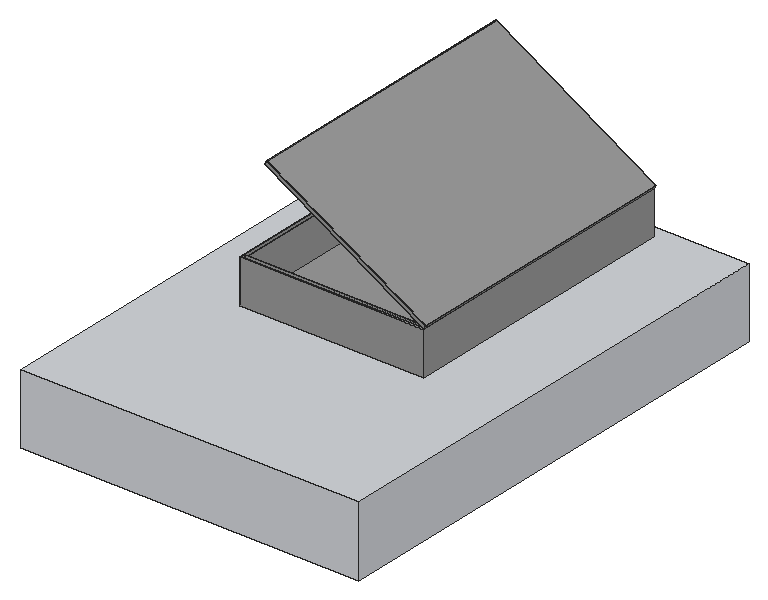
Revit family "Hager-Univers-IP44-D205-H1250-Cl.I-encl-NL-en", category Equipement électrique, Revit 2020
Family settings
  Hôte = Face
  Configuration du panneau = Deux colonnes, circuits au sein
  Cote de connecteur circulaire = Utiliser le diamètre
  Type d'élément = Tableau de raccordement
  Couper avec des vides une fois chargée = Non
  Partagée = Non
  Point de calcul de pièce = Non
Parameters (values of type "Surface mounted (plaster) IP44 W800 H1250 D205  - FP83QT")
  Width Control [instance] = if([EF000008 - Width] > Min Width, [EF000008 - Width], Min Width)  # 800 mm
  Commentaires du type = [HG000003 - Range]  # "Univers"
  Thickness Door [instance] = if([EF009171 - Material plate thickness door/cover] > 3 mm, 3 mm, [EF009171 - Material plate thickness door/cover])  # 1 mm
  Seal Frame Offset [instance] = 17 mm  # constant formula
  Plinth Visibility [instance] = [HG000027 - Plinth height] > 0 mm  # no
  Model = ""
  Min Width [instance] = 100 mm  # constant formula
  Min Height [instance] = 100 mm  # constant formula
  Min Depth [instance] = (2 * [EF009170 - Material plate thickness cabinet]) + 1 mm  # 3 mm
  Internal Frame Depth [instance] = (Door System Depth * 0.5)  # 9 mm
  Height Control [instance] = if([EF000040 - Height] > Min Height, [EF000040 - Height], Min Height)  # 1250 mm
  HG000027 - Plinth height = 0 mm
  HG000026 - Floor standing = no
  HG000024 - Bottom section height = 800 mm
  HG000023 - Double section enclosure = no
  HG000016 - Door 3d visibility [instance] = yes
  HG000015 - Clearance visibility [instance] = no
  HG000014 - Door on the right [instance] = yes
  HG000013 - Door on the left [instance] = not([HG000014 - Door on the right])  # no
  HG000012 - Door swing angle [instance] = 30.00°
  HG000010 - Asymmetric doors = no
  HG000009 - Double swing door = no
  HG000006 - Flush mounted = no
  HG000004 - Manufacturer reference = "FP83QT"
  HG000003 - Range = "Univers"
  HG000002 - With door or cover = yes
  Frame Offset Bottom [instance] = 10 mm  # constant formula
  Frame Offset [instance] = 15 mm  # constant formula
  EF015940 - Cover with overpressure release = no
  EF011959 - Degree of protection (NEMA) = ""
  EF009554 - Number of openings for flange plates = 6
  EF009212 - Cover model = "EV000116 - Closed"
  EF009171 - Material plate thickness door/cover = 1 mm
  EF009170 - Material plate thickness cabinet = 1 mm
  Fabricant = "Hager"  # constant formula
  EF008873 - Nominal current (In) = 250 A
  EF007800 - Suitable for lightning protection = no
  EF006306 - With lock = no
  EF006244 - Transparent cover/door = no
  EF005474 - Degree of protection (IP) = "EV006418 - IP44"
  EF004464 - Type of door = "EV002646 - Single"
  EF004427 - Number of modules = 288
  EF004293 - Impact strength = "EV006815 - IK09"
  EF003532 - Suitable for outdoor use = no
  EF002950 - Width in number of modular spacings = 36
  EF001613 - Circuit integrity = "EV000494 - None"
  EF001596 - Material housing = "EV000179 - Steel"
  EF001131 - Internal depth = 130 mm
  EF001088 - Extension possible = yes
  EF000437 - Number of conduit inlets = 6
  EF000339 - Type of cover = "EV001012 - Cover"
  EF000266 - Number of rows = 8
  EF000218 - Built-in depth = 0 mm
  EF000118 - With mounting plate = no
  EF000116 - RAL-number = "9010"
  EF000049 - Depth = 205 mm
  EF000040 - Height = 1250 mm
  EF000008 - Width = 800 mm
  EF000007 - Colour = "EV000202 - White"
  EF000003 - Mounting method = "EV000384 - Surface mounted (plaster)"
  Door System Leaf Tolerance [instance] = 1.5 mm  # constant formula
  Door System Depth [instance] = 18 mm  # constant formula
  Door Height [instance] = Height Control - [HG000027 - Plinth height]  # 1250 mm
  Depth Control [instance] = if([EF000049 - Depth] > Min Depth, [EF000049 - Depth], Min Depth)  # 205 mm
  Default Elevation = 0 mm
  Connector Offset [instance] = Height Control / 2  # 625 mm
  Bottom Top Plate Trim [instance] = 1.5 mm  # constant formula
  Plinth height Ctrl [instance] = if([HG000027 - Plinth height] > 0 mm, [HG000027 - Plinth height], 12 mm)  # 12 mm
Types (5, lengths in mm): name | Width Control | HG000004 - Manufacturer reference | EF009554 - Number of openings for flange plates | EF004464 - Type of door | EF004427 - Number of modules | EF002950 - Width in number of modular spacings | EF000437 - Number of conduit inlets | EF000008 - Width
  Surface mounted (plaster) IP44 W1050 H1250 D205  - FP84QT | 1050 | "FP84QT" | 8 | "EV003602 - Double" | 384 | 48 | 8 | 1050
  Surface mounted (plaster) IP44 W1300 H1250 D205  - FP85QT | 1300 | "FP85QT" | 10 | "EV003602 - Double" | 480 | 60 | 10 | 1300
  Surface mounted (plaster) IP44 W300 H1250 D205  - FP81QT | 300 | "FP81QT" | 2 | "EV002646 - Single" | 96 | 12 | 2 | 300
  Surface mounted (plaster) IP44 W550 H1250 D205  - FP82QT | 550 | "FP82QT" | 4 | "EV002646 - Single" | 192 | 24 | 4 | 550
  Surface mounted (plaster) IP44 W800 H1250 D205  - FP83QT | 800 | "FP83QT" | 6 | "EV002646 - Single" | 288 | 36 | 6 | 800
Reference planes
  plane 1 "Center (Front/Back)": y = 0
  plane 2: z = 0
  plane 3 "Center (Left/Right)": x = 0
  plane 4: z = 205
  plane 5: y = 1
  plane 6: y = 625
  plane 7: y = 0
  plane 8: y = 1250
  plane 9: z = 0
  plane 10: x = -385
  plane 11: x = 385
  plane 12: x = 384
  plane 13: x = -384
  plane 14: y = 1249
  plane 15: x = -383
  plane 16: x = -400
  plane 17: x = 383
  plane 18: x = 400
  plane 19: x = 399
  plane 20: x = -399
  plane 21: y = 11
  plane 22: y = 1250
  plane 23: y = 1234
  plane 24: z = 187
  plane 25: z = 1
  plane 26: z = 186
  plane 27: z = 204
Forms (mm)
  Extrusion 1, solid
    sketch origin (0, 0, 0) x (1, 0, 0) y (0, 1, 0)
      loop
        line (-702.964, 1305) -> (-702.964, -811.445) -> (766.763, -811.445) -> (766.763, 1305) -> (-702.964, 1305)
    from 0 to -304.8
  Extrusion 2, solid, material "Hager_Steel_RAL7035_Light_Grey", visible <- "Plinth Visibility", detail levels medium+fine
    sketch origin (0, 0, 0) x (1, 0, 0) y (0, 1, 0)
      loop
        line (-400, 0) -> (400, 0) -> (400, 12) -> (-400, 12) -> (-400, 0)
    from 0 to 187
  Extrusion 3, solid, material "Hager_Steel_RAL7035_Light_Grey", detail levels medium+fine
    sketch origin (0, 0, 0) x (1, 0, 0) y (0, 1, 0)
      loop
        line (-400, 0) -> (400, 0) -> (400, 1250) -> (-400, 1250) -> (-400, 0)
    from 0 to 187
  Extrusion 4, void
    sketch origin (0, 0, 0) x (1, 0, 0) y (0, 1, 0)
      loop
        line (-399, 1) -> (399, 1) -> (399, 1249) -> (-399, 1249) -> (-399, 1)
    from 1 to 186
  Extrusion 5, void
    sketch origin (-381.607, -4572, 187) x (0, -1, 0) y (-1, 0, 0)
      loop
        line (-4583, 2.393) -> (-5806, 2.393) -> (-5806, -765.607) -> (-4583, -765.607) -> (-4583, 2.393)
    from 0 to 1 <- "EF009170 - Material plate thickness cabinet"
  Extrusion 6, solid, material "Hager_Steel_RAL7035_Light_Grey", detail levels fine
    sketch origin (0, 0, 187) x (1, 0, 0) y (0, 1, 0)
      loop
        line (-384, 1234) -> (-384, 11) -> (384, 11) -> (384, 1234) -> (-384, 1234)
      loop
        line (-385, 10) -> (385, 10) -> (385, 1235) -> (-385, 1235) -> (-385, 10)
    from 0 to 9 <- "Internal Frame Depth"
  Extrusion 7, solid, material "Hager_Steel_RAL7035_Light_Grey", detail levels coarse
    sketch origin (0, 0, 0) x (1, 0, 0) y (0, 1, 0)
      loop
        line (-400, 0) -> (400, 0) -> (400, 1250) -> (-400, 1250) -> (-400, 0)
    from 0 to 205
  Sweep 8, void
    path in 3D
      loop
        line (-400, 12, 0) -> (400, 12, 0) -> (400, 12, 187) -> (-400, 12, 187) -> (-400, 12, 0)
    profile origin (-400, 12, 93.5) x (-1, 0, 0) y (0, -1, 0)
      loop
        line (0, 0) -> (0, 1.5) -> (-1.5, 1.5)
        arc (-1.5, 1.5) -> (-1.061, 0.439) -> (0, 0) r 1.5
Cuts and joins
  Extrusion 4, Extrusion 5 cuts Extrusion 3
  Sweep 8 cuts Extrusion 2
Lines and regions (mm)
  Masking region 1
    outline origin (0, 0, 0) x (1, 0, 0) y (0, 0, 1)
      loop
        line (-400, 205) -> (-400, 0) -> (400, 0) -> (400, 205) -> (-400, 205)
  Masking region 2, detail levels medium+fine
    outline origin (0, 140, 0) x (0, 1, 0) y (0, 0, 1)
      loop
        line (-140, 0) -> (1110, 0) -> (1110, 187) -> (-140, 187) -> (-140, 0)
  Masking region 3, not visible, detail levels medium+fine
    outline origin (0, 297.922, 0) x (0, 1, 0) y (0, 0, 1)
      loop
        line (338.578, 0) -> (378.578, 0) -> (378.578, 194)
        arc (378.578, 194) -> (375.649, 201.071) -> (368.578, 204) r 10
        line (368.578, 204) -> (338.578, 204) -> (338.578, 0)
  Masking region 4, detail levels coarse
    outline origin (0, 0, 180) x (0, 1, 0) y (0, 0, 1)
      loop
        line (0, -180) -> (1250, -180) -> (1250, 25) -> (0, 25) -> (0, -180)
  Masking region 5, visible <- "Plinth Visibility", detail levels medium+fine
    outline origin (0, 52.24, 12.345) x (0, 0, -1) y (0, 1, 0)
      loop
        line (10.845, -40.24) -> (-173.155, -40.24)
        arc (-173.155, -40.24) -> (-173.594, -41.301) -> (-174.655, -41.74) r 1.5
        line (-174.655, -41.74) -> (-174.655, -52.24) -> (12.345, -52.24) -> (12.345, -41.74)
        arc (12.345, -41.74) -> (11.285, -41.301) -> (10.845, -40.24) r 1.5
  Masking region 6, detail levels medium+fine
    outline origin (-381.607, -4572, 187) x (-1, 0, 0) y (0, -1, 0)
      loop
        line (18.393, -5822) -> (18.393, -4572) -> (-781.607, -4572) -> (-781.607, -5822) -> (18.393, -5822)
  Masking region 7, visible <- "Plinth Visibility", detail levels medium+fine
    outline origin (-381.607, -4727, 187) x (-1, 0, 0) y (0, -1, 0)
      loop
        arc (16.893, -4739) -> (17.332, -4737.939) -> (18.393, -4737.5) r 1.5
        line (18.393, -4737.5) -> (18.393, -4727) -> (-781.607, -4727) -> (-781.607, -4737.5)
        arc (-781.607, -4737.5) -> (-780.546, -4737.939) -> (-780.107, -4739) r 1.5
        line (-780.107, -4739) -> (16.893, -4739)
  Masking region 8, detail levels coarse
    outline origin (-442.548, -4669.526, 187) x (-1, 0, 0) y (0, -1, 0)
      loop
        line (-42.548, -5919.526) -> (-42.548, -4669.526) -> (-842.548, -4669.526) -> (-842.548, -5919.526) -> (-42.548, -5919.526)
  sketch lines
    curve 1: line (-400, 12, 187) -> (-400, 12, 0)
    curve 2: line (400, 12, 187) -> (-400, 12, 187)
    curve 3: line (400, 12, 187) -> (400, 12, 0)
    curve 4: line (-400, 12, 0) -> (400, 12, 0)
Dimensions and locks
  "Depth Control": plane 4 to Extrusion 1
  "HG000027 - Plinth height": plane 1 "Center (Front/Back)" to plane 7
  "EF009170 - Material plate thickness cabinet": plane 5 to plane 7
  locked: connector elem to plane 3 "Center (Left/Right)"
  equal spacing: plane 8, plane 6, plane 7
  locked: connector elem to plane 6
  "EF009170 - Material plate thickness cabinet": plane 8 to plane 14
  "EF009170 - Material plate thickness cabinet": plane 10 to plane 13
  "EF009170 - Material plate thickness cabinet": plane 12 to plane 11
  "Frame Offset": plane 20 to plane 13
  "Frame Offset": plane 12 to plane 19
  "EF009170 - Material plate thickness cabinet": plane 16 to plane 20
  "EF009170 - Material plate thickness cabinet": plane 19 to plane 18
  "Seal Frame Offset": plane 16 to plane 15
  "Seal Frame Offset": plane 17 to plane 18
  "Frame Offset Bottom": plane 21 to plane 5
  "Frame Offset": plane 14 to plane 23
  equal spacing: plane 16, plane 3 "Center (Left/Right)", plane 18
  "Width Control": plane 16 to plane 18
  "EF009170 - Material plate thickness cabinet": plane 4 to plane 27
  "EF009170 - Material plate thickness cabinet": plane 24 to plane 26
  "EF009170 - Material plate thickness cabinet": plane 25 to level
  "Door System Depth": plane 4 to plane 24
  "Height Control": plane 1 "Center (Front/Back)" to Extrusion 7 sketch curve
  "Height Control": Masking region 4 sketch curve to plane 1 "Center (Front/Back)"
  "Height Control": plane 1 "Center (Front/Back)" to plane 22
  "Bottom Top Plate Trim": profile plane to Sweep 8 sketch curve
  "Bottom Top Plate Trim": Sweep 8 sketch curve to profile plane
  "Plinth height Ctrl": plane 1 "Center (Front/Back)" to Extrusion 2 sketch curve
  "Plinth height Ctrl": Masking region 5 sketch curve to plane 1 "Center (Front/Back)"
  "Plinth height Ctrl": plane 1 "Center (Front/Back)" to Masking region 7 sketch curve
  "Thickness Door": Extrusion 6 sketch curve to Extrusion 6 sketch curve  (x3)
  "Thickness Door": cut or joined group of Extrusion 3, Extrusion 4, Extrusion 5 to Extrusion 6 sketch curve
  radius of Masking region 3 sketch curve = 10 mm
  "Bottom Top Plate Trim": radius of Masking region 5 sketch curve  (x2)
  "Bottom Top Plate Trim": radius of Sweep 8 sketch curve
  "Bottom Top Plate Trim": radius of Masking region 7 sketch curve  (x2)
  aligned and locked: plane 2 to Extrusion 1
  aligned and locked: level to Extrusion 1
  aligned and locked: level to Masking region 1 sketch curve
  aligned and locked: Masking region 1 sketch curve to plane 18
  aligned and locked: Masking region 1 sketch curve to plane 16
  aligned and locked: plane 7 to Masking region 2 sketch curve
  aligned and locked: level to Masking region 3 sketch curve
  aligned and locked: Masking region 3 sketch curve to plane 27
  aligned and locked: level to Masking region 2 sketch curve
  aligned and locked: plane 1 "Center (Front/Back)" to Extrusion 2 sketch curve
  aligned and locked: Extrusion 3 sketch curve to plane 7
  aligned and locked: plane 16 to Extrusion 3 sketch curve
  aligned and locked: plane 18 to Extrusion 3 sketch curve
  aligned and locked: plane 20 to Extrusion 4 sketch curve
  aligned and locked: plane 19 to Extrusion 4 sketch curve
  aligned and locked: Extrusion 4 sketch curve to plane 5
  aligned and locked: Extrusion 4 to plane 25
  aligned and locked: plane 26 to Extrusion 4
  aligned and locked: plane 24 to Extrusion 3
  aligned and locked: Extrusion 5 sketch curve to plane 21
  aligned and locked: Extrusion 5 sketch curve to plane 13
  aligned and locked: Extrusion 5 sketch curve to plane 12
  aligned and locked: plane 18 to Extrusion 7 sketch curve
  aligned and locked: plane 1 "Center (Front/Back)" to Extrusion 7 sketch curve
  aligned and locked: plane 16 to Extrusion 7 sketch curve
  aligned and locked: plane 4 to Extrusion 7
  aligned and locked: Extrusion 7 to level
  aligned and locked: level to Masking region 4 sketch curve
  aligned and locked: Masking region 4 sketch curve to plane 1 "Center (Front/Back)"
  aligned and locked: Masking region 4 sketch curve to plane 4
  aligned and locked: nested 1 to level
  aligned and locked: nested 1 to plane 16
  aligned and locked: plane 8 to Extrusion 3 sketch curve
  aligned and locked: plane 23 to Extrusion 5 sketch curve
  aligned and locked: plane 14 to Extrusion 4 sketch curve
  aligned and locked: Masking region 2 sketch curve to plane 8
  aligned and locked: level to Masking region 5 sketch curve
  aligned and locked: plane 16 to Extrusion 2 sketch curve
  aligned and locked: plane 18 to Extrusion 2 sketch curve
  aligned and locked: Masking region 5 sketch curve to plane 24
  aligned and locked: Masking region 2 sketch curve to plane 24
  aligned and locked: plane 24 to Extrusion 2
  aligned and locked: profile plane to Sweep 8 sketch curve  (x2)
  aligned and locked: Masking region 6 sketch curve to plane 18
  aligned and locked: Masking region 6 sketch curve to plane 22
  aligned and locked: Masking region 6 sketch curve to plane 16
  aligned and locked: plane 8 to plane 22
  aligned and locked: Masking region 6 sketch curve to plane 7
  aligned and locked: Masking region 7 sketch curve to plane 16
  aligned and locked: Masking region 7 sketch curve to plane 1 "Center (Front/Back)"
  aligned and locked: Masking region 7 sketch curve to plane 18
  aligned and locked: Masking region 8 sketch curve to plane 1 "Center (Front/Back)"
  aligned and locked: Masking region 8 sketch curve to plane 18
  aligned and locked: Masking region 8 sketch curve to plane 22
  aligned and locked: Masking region 8 sketch curve to plane 16
  aligned and locked: nested 2 to plane 7
  aligned and locked: plane 3 "Center (Left/Right)" to nested 2
  aligned and locked: nested 2 to plane 24
  aligned and locked: Extrusion 6 sketch curve to cut or joined group of Extrusion 3, Extrusion 4, Extrusion 5  (x4)
Automatic sketch dimensions
  Extrusion 1 sketch curve to Extrusion 1 sketch curve = 1469.727 mm
  Extrusion 1 sketch curve to Extrusion 1 sketch curve = 2116.445 mm
  Masking region 1 sketch curve to plane 4 = 0 mm
  plane 6 to Masking region 3 sketch curve = 11.5 mm
  Masking region 3 sketch curve to Masking region 3 sketch curve = 30 mm
  Masking region 5 sketch curve to plane 1 "Center (Front/Back)" = 0 mm
Nested families
  nested 1: "Hager_Enclosure_Symbol" at (-400, 0, 0) x (1, 0, 0) z (0, -1, 0), Height <- "Depth Control", Width <- "Width Control", type "Hager_Enclosure_Symbol"
    with Width_Ctrl 800 mm, Width 800 mm, Height_Ctrl 205 mm, Height 205 mm, A_Width_Int 13.453 mm, A_Width 161.438 mm, A_Height_Ctrl 179.375 mm, A_Height 179.375 mm
  nested 2: "EC000058_Univers_Door" at (0, 0, 187) x (1, 0, 0) z (0, 1, 0), Leaf_Tolerance <- "Door System Leaf Tolerance", Angle <- "HG000012 - Door swing angle", Door_Depth <- "Door System Depth", Door_Left <- "HG000013 - Door on the left", Transparent <- "EF006244 - Transparent cover/door", Assymetrical <- "HG000010 - Asymmetric doors", Width <- "Width Control", Clearance <- "HG000015 - Clearance visibility", Double <- "HG000009 - Double swing door", 3d_Door <- "HG000016 - Door 3d visibility", Lock_Visibility <- "EF006306 - With lock", Width_Ctrl <- "Width Control", Door_Right <- "HG000014 - Door on the right", Door <- "HG000002 - With door or cover", Height <- "Door Height", Thickness <- "Thickness Door", type "EC000058_Univers_Door", detail levels medium+fine
    with min_wh 3 mm, Width_Ctrl 800 mm, Width 800 mm, Transparent no, Thickness 1 mm, Seal_Material Hager_Rubber, Lock_Visibility no, Lock_Material Hager_Plastic_RAL9005_Jet_Black, Leaf_Width 800 mm, Leaf_Tolerance_External_Sides 0 mm, Leaf_Tolerance 1.5 mm, Leaf_Offset 0 mm, Leaf_Height 1247 mm, Leaf_2_Width 800 mm, Leaf_2_Offset 400 mm, Leaf_1_Width 800 mm, Leaf_1_Offset 400 mm, Height_Ctrl 1250 mm, Height 1250 mm, Glass_Material Hager_Glass, Double_Clearance_Ctrl no, Double no, Door_Right_Ctrl yes, Door_Right yes, Door_Material Hager_Steel_RAL7035_Light_Grey, Door_Left_Ctrl no, Door_Left no, Door_Depth 18 mm, Door yes, Clearance_Material Hager_Clearance, Clearance_Depth 800 mm, Clearance_Ctrl no, Clearance no, Assymetrical no, Angle 30.00°, 3d_Door yes
Connectors
  electrical at (0, 625, 0)
    settings: on plane 9, index 1, voltage 0 V, apparent load 0 VA, apparent load phase1 0 VA, apparent load phase2 0 VA, apparent load phase3 0 VA, power factor 1, load classification "Other", number of poles 1, system type 30, power factor state 1, is connector primary yes, connector utility no, sub classification motor no, connector description ""
Definition of nested family "EC000058_Univers_Door"
  Parameters (values of type "EC000058_Univers_Door")
    min_wh [instance] = (2 * Thickness) + 1 mm  # 11 mm
    Width_Ctrl [instance] = 400 mm
    Width [instance] = 500 mm
    Transparent [instance] = yes
    Thickness [instance] = 5 mm
    Seal_Material [instance] = none
    Lock_Visibility [instance] = yes
    Lock_Material [instance] = none
    Leaf_Width [instance] = if((Width_Ctrl - 2 * Leaf_Tolerance_External_Sides) > 0 mm, (Width_Ctrl - 2 * Leaf_Tolerance_External_Sides), min_wh)  # 400 mm
    Leaf_Tolerance_External_Sides [instance] = 0 mm  # constant formula
    Leaf_Tolerance [instance] = 1.5 mm
    Leaf_Offset [instance] = 0 mm  # constant formula
    Leaf_Height [instance] = if((Height_Ctrl - 2 * Leaf_Tolerance) > 0 mm, (Height_Ctrl - 2 * Leaf_Tolerance), min_wh)  # 497 mm
    Leaf_2_Width [instance] = if(and(and(Double, Assymetrical), Door_Left), (Leaf_Width / 3) - (Leaf_Tolerance / 2), if(and(and(Double, Assymetrical), Door_Right), (Leaf_Width / 3) * 2 - (Leaf_Tolerance / 2), if(and(Double, not(Assymetrical)), (Leaf_Width / 2) - Leaf_Tolerance, Leaf_Width)))  # 400 mm
    Leaf_2_Offset [instance] = if(and(Double, Assymetrical), Leaf_2_Width / 2, if(and(Double, not(Assymetrical)), Leaf_Width / 4, Leaf_Width / 2))  # 200 mm
    Leaf_1_Width [instance] = if(and(and(Double, Assymetrical), Door_Right), (Leaf_Width / 3) - (Leaf_Tolerance / 2), if(and(and(Double, Assymetrical), Door_Left), (Width / 3) * 2 - (Leaf_Tolerance / 2), if(and(Double, not(Assymetrical)), (Leaf_Width / 2) - Leaf_Tolerance, Leaf_Width)))  # 400 mm
    Leaf_1_Offset [instance] = if(and(Double, Assymetrical), Leaf_1_Width / 2, if(and(Double, not(Assymetrical)), Leaf_Width / 4, Leaf_Width / 2))  # 200 mm
    Height_Ctrl [instance] = if(Height > min_wh, Height, min_wh)  # 500 mm
    Height [instance] = 500 mm
    Glass_Material [instance] = none
    Double_Clearance_Ctrl [instance] = and(Double, Clearance)  # no
    Double [instance] = no
    Door_Right_Ctrl [instance] = and(or(Door_Right, Double), Door)  # yes
    Door_Right [instance] = yes
    Door_Material [instance] = none
    Door_Left_Ctrl [instance] = and(or(Door_Left, Double), Door)  # no
    Door_Left [instance] = no
    Door_Depth [instance] = 30 mm
    Door [instance] = yes
    Default Elevation = 1219.2 mm
    Clearance_Material [instance] = none
    Clearance_Depth [instance] = if(Leaf_1_Width > Leaf_2_Width, Leaf_1_Width, Leaf_2_Width)  # 400 mm
    Clearance_Ctrl [instance] = and(not(Double), Clearance)  # yes
    Clearance [instance] = yes
    Assymetrical [instance] = yes
    Angle [instance] = 30.00°
    3d_Door [instance] = yes
  Reference planes
    plane 1 "Center (Front/Back)": y = 0
    plane 2 "Bottom": z = 0
    plane 3 "Center (Left/Right)": x = 0
    plane 4: z = 500
    plane 5: x = -200
    plane 6: x = 200
    plane 7: z = 500
    plane 8: x = -200
    plane 9: z = 0
    plane 10: x = 200
    plane 11: y = 0
    plane 12: z = 1.5
    plane 13: x = -600
    plane 14: y = -400
    plane 15: x = 600
    plane 16: x = 0
    plane 17: x = 0
    plane 18: x = -200
    plane 19: x = 200
    plane 20: z = 498.5
  Forms (mm)
    Extrusion 1, solid, material <- "Clearance_Material", visible <- "Double_Clearance_Ctrl"
      sketch origin (1200, 0, 0) x (1, 0, 0) y (0, 0, -1)
        loop
          line (-1800, -498.5) -> (-600, -498.5) -> (-600, 0) -> (-1800, 0) -> (-1800, -498.5)
      from 0 to -400
  Dimensions and locks
    equal spacing: plane 5, plane 3 "Center (Left/Right)", plane 6
    "Width_Ctrl": plane 5 to plane 6
    "Leaf_Offset": plane 5 to plane 8
    "Leaf_Offset": plane 6 to plane 10
    "Leaf_Offset": plane 9 to level
    "Leaf_Offset": plane 4 to plane 7
    "Height_Ctrl": plane 4 to level
    "Leaf_Tolerance": plane 12 to plane 9
    locked: plane 11 to plane 1 "Center (Front/Back)"
    "Leaf_1_Offset": plane 18 to plane 16
    "Leaf_2_Offset": plane 17 to plane 19
    "Leaf_1_Width": plane 13 to plane 8
    "Leaf_2_Width": plane 10 to plane 15
    "Clearance_Depth": plane 14 to plane 1 "Center (Front/Back)"
    "Leaf_Tolerance_External_Sides": plane 8 to plane 18
    "Leaf_Tolerance_External_Sides": plane 19 to plane 10
    "Leaf_Tolerance": plane 7 to plane 20
    aligned and locked: level to plane 2 "Bottom"
    aligned and locked: nested 1 to plane 16
    aligned and locked: nested 2 to plane 17
    aligned and locked: Extrusion 1 to plane 13
    aligned and locked: plane 15 to Extrusion 1
    aligned and locked: Extrusion 1 to plane 14
    aligned and locked: plane 12 to nested 1
    aligned and locked: nested 2 to plane 12
    aligned and locked: Extrusion 1 to plane 11
    aligned and locked: plane 20 to Extrusion 1
    aligned and locked: nested 2 to plane 11
    aligned and locked: nested 1 to plane 11
  Automatic sketch dimensions
    Extrusion 1 sketch curve to level = 0 mm
    plane 5 to Extrusion 1 sketch curve = 400 mm
    plane 6 to Extrusion 1 sketch curve = 400 mm
    Extrusion 1 sketch curve to plane 4 = 1.5 mm
  Nested families
    nested 1: "EC000058_Univers_Door_Leaf" at (0, 0, 1.5), Width <- "Leaf_1_Width", visible <- "Door_Left_Ctrl", Leaf_Height <- "Leaf_Height", Angle <- "Angle", 3d_Door <- "3d_Door", Transparent <- "Transparent", Clearance Material <- "Clearance_Material", Clearance <- "Clearance_Ctrl", Door_Material <- "Door_Material", Glass_Material <- "Glass_Material", Door_Depth <- "Door_Depth", Lock_Material <- "Lock_Material", Seal_Material <- "Seal_Material", Lock_Visibility <- "Lock_Visibility", Thickness <- "Thickness", type "EC000058_Univers_Door_Leaf"
      with Width 400 mm, Transparent_Glass_Offset 30 mm, Transparent_Ctrl yes, Transparent yes, Thickness 5 mm, Standard no, Seal_Material none, Seal_D2 8 mm, Seal_D1 1 mm, Offset_Internal_Frame 10 mm, Lock_Width 20 mm, Lock_Visibility_3d yes, Lock_Visibility yes, Lock_Thickness_3 3 mm, Lock_Thickness_2 1 mm, Lock_Thickness_1 3 mm, Lock_Radius_Offset_2 16 mm, Lock_Radius_Offset_1 15 mm, Lock_Radius_2 5 mm, Lock_Radius 6 mm, Lock_Offset 5 mm, Lock_Material none, Lock_Height 80 mm, Lock_Cover_Top_Offset_2d 17 mm, Lock_Cover_Height -65 mm, Leaf_Height 497 mm, Internal_Seal_Thickness 8 mm, Internal_Seal_Depth_2 4.5 mm, Internal_Frame_Depth 25 mm, Glass_Thickness -1 mm, Glass_Offset -2 mm, Glass_Material none, Door_Material none, Door_Depth 30 mm, Clearance Material none, Clearance yes, Angle_Ctrl 30.00°, Angle 30.00°, 3d_Door yes
    nested 2: "EC000058_Univers_Door_Leaf" at (0, 0, 1.5) x (-1, 0, 0) z (0, 0, 1), Width <- "Leaf_2_Width", visible <- "Door_Right_Ctrl", Leaf_Height <- "Leaf_Height", Angle <- "Angle", 3d_Door <- "3d_Door", Transparent <- "Transparent", Clearance Material <- "Clearance_Material", Clearance <- "Clearance_Ctrl", Door_Material <- "Door_Material", Glass_Material <- "Glass_Material", Door_Depth <- "Door_Depth", Lock_Material <- "Lock_Material", Seal_Material <- "Seal_Material", Lock_Visibility <- "Lock_Visibility", Thickness <- "Thickness", type "EC000058_Univers_Door_Leaf"
      with Width 400 mm, Transparent_Glass_Offset 30 mm, Transparent_Ctrl yes, Transparent yes, Thickness 5 mm, Standard no, Seal_Material none, Seal_D2 8 mm, Seal_D1 1 mm, Offset_Internal_Frame 10 mm, Lock_Width 20 mm, Lock_Visibility_3d yes, Lock_Visibility yes, Lock_Thickness_3 3 mm, Lock_Thickness_2 1 mm, Lock_Thickness_1 3 mm, Lock_Radius_Offset_2 16 mm, Lock_Radius_Offset_1 15 mm, Lock_Radius_2 5 mm, Lock_Radius 6 mm, Lock_Offset 5 mm, Lock_Material none, Lock_Height 80 mm, Lock_Cover_Top_Offset_2d 17 mm, Lock_Cover_Height -65 mm, Leaf_Height 497 mm, Internal_Seal_Thickness 8 mm, Internal_Seal_Depth_2 4.5 mm, Internal_Frame_Depth 25 mm, Glass_Thickness -1 mm, Glass_Offset -2 mm, Glass_Material none, Door_Material none, Door_Depth 30 mm, Clearance Material none, Clearance yes, Angle_Ctrl 30.00°, Angle 30.00°, 3d_Door yes
  Definition of nested family "EC000058_Univers_Door_Leaf"
    Parameters (values of type "EC000058_Univers_Door_Leaf")
      Width [instance] = 2000 mm
      Transparent_Glass_Offset [instance] = 30 mm
      Transparent_Ctrl [instance] = and(Transparent, [3d_Door])  # yes
      Transparent [instance] = yes
      Thickness [instance] = 5 mm
      Standard [instance] = and(not(Transparent), [3d_Door])  # no
      Seal_Material [instance] = none
      Seal_D2 [instance] = 8 mm  # constant formula
      Seal_D1 [instance] = 1 mm  # constant formula
      Offset_Internal_Frame [instance] = 10 mm  # constant formula
      Lock_Width [instance] = 20 mm  # constant formula
      Lock_Visibility_3d [instance] = and(Lock_Visibility, [3d_Door])  # yes
      Lock_Visibility [instance] = yes
      Lock_Thickness_3 [instance] = 3 mm  # constant formula
      Lock_Thickness_2 [instance] = 1 mm  # constant formula
      Lock_Thickness_1 [instance] = 3 mm  # constant formula
      Lock_Radius_Offset_2 [instance] = Lock_Radius_Offset_1 + 1 mm  # 16 mm
      Lock_Radius_Offset_1 [instance] = 15 mm  # constant formula
      Lock_Radius_2 [instance] = Lock_Radius - 1 mm  # 5 mm
      Lock_Radius [instance] = 6 mm  # constant formula
      Lock_Offset [instance] = 5 mm  # constant formula
      Lock_Material [instance] = none
      Lock_Height [instance] = 80 mm  # constant formula
      Lock_Cover_Top_Offset_2d [instance] = Lock_Radius_Offset_2 + 1 mm  # 17 mm
      Lock_Cover_Height [instance] = -(Lock_Height - Lock_Radius_Offset_1)  # -65 mm
      Leaf_Height [instance] = 2720.336 mm
      Internal_Seal_Thickness [instance] = 8 mm  # constant formula
      Internal_Seal_Depth_2 [instance] = 4.5 mm  # constant formula
      Internal_Frame_Depth [instance] = if(Door_Depth - Thickness > 5 mm, Door_Depth - Thickness, 5 mm)  # 25 mm
      Glass_Thickness [instance] = if(Thickness > 15 mm, Glass_Offset + 10 mm, -1 mm)  # -1 mm
      Glass_Offset [instance] = if(Thickness > 15 mm, -(Thickness + 10 mm) / 2, -2 mm)  # -2 mm
      Glass_Material [instance] = none
      Door_Material [instance] = none
      Door_Depth [instance] = 30 mm
      Default Elevation = 0 mm
      Clearance Material [instance] = none
      Clearance [instance] = yes
      Angle_Ctrl [instance] = if(Angle > 180.00°, 180.00°, Angle)  # 90.00°
      Angle [instance] = 90.00°
      3d_Door [instance] = yes
    Reference planes
      plane 1 "Center (Front/Back)": y = 0
      plane 2: z = 0
      plane 3 "Center (Left/Right)": x = 0
      plane 4: y = 2000
      plane 5: x = -1000
      plane 6: x = 1000
      plane 7: x = -3000
      plane 8: z = 2720.336
      plane 9: z = 30
      plane 10: z = 2690.336
      plane 11: x = 970
      plane 12: x = -970
      plane 13: y = -3
      plane 14: z = 107.833
      plane 15: y = -5
      plane 16: y = -223.314
      plane 17: x = -1000
      plane 18: z = 1360.168
      plane 19: y = 30
    Forms (mm)
      Extrusion 1, solid, material <- "Clearance Material", visible <- "Clearance"
        sketch origin (0, 0, 0) x (1, 0, 0) y (0, 0, 1)
          loop
            line (-3000, 2720.336) -> (-3000, 0) -> (1000, 0) -> (1000, 2720.336) -> (-3000, 2720.336)
        from 0 to -2000
      Extrusion 2, solid, material <- "Door_Material", visible <- "Standard", detail levels medium+fine
        sketch origin (-1000, 0, 0) x (0, 1, 0) y (-1, 0, 0)
          loop
            line (0, 30) -> (0, 25) -> (2000, 25) -> (2000, 30) -> (0, 30)
        from 0 to 2720.336 <- "Leaf_Height"
      Extrusion 3, solid, material <- "Door_Material", visible <- "Transparent_Ctrl", detail levels medium+fine
        sketch origin (-1000, 0, 0) x (0, 1, 0) y (-1, 0, 0)
          loop
            line (0, 25) -> (2000, 25) -> (2000, 30) -> (0, 30) -> (0, 25)
        from 0 to 2720.336 <- "Leaf_Height"
      Extrusion 4, void
        sketch origin (-1025, 2000, 0) x (0, 1, 0) y (0, 0, -1)
          loop
            line (-30, -2690.336) -> (-30, -30) -> (-1970, -30) -> (-1970, -2690.336) -> (-30, -2690.336)
        from 0 to 5 <- "Thickness"
      Sweep 5, solid, material <- "Seal_Material", visible <- "Transparent_Ctrl", detail levels fine
        path in 3D
          loop
            line (-1025, 30, 30) -> (-1025, 30, 2690.336) -> (-1025, 1970, 2690.336) -> (-1025, 1970, 30) -> (-1025, 30, 30)
        profile origin (-1025, 1000, 30) x (1, 0, 0) y (0, 0, 1)
          loop
            line (0, 0) -> (0, -8) -> (1, -8) -> (1, 0) -> (0, 0)
      Extrusion 6, solid, material <- "Glass_Material", visible <- "Transparent_Ctrl", detail levels medium+fine
        sketch origin (-1030, 0, 0) x (0, 1, 0) y (0, 0, -1)
          loop
            line (1970, -2690.336) -> (1970, -30) -> (30, -30) -> (30, -2690.336) -> (1970, -2690.336)
        from -2 <- "Glass_Offset" to -1 <- "Glass_Thickness"
      Extrusion 7, solid, material <- "Door_Material", visible <- "3d_Door", detail levels medium+fine
        sketch origin (-1025, 2000, 0) x (0, -1, 0) y (0, 0, -1)
          loop
            line (0, -2720.336) -> (2000, -2720.336) -> (2000, 0) -> (0, 0) -> (0, -2720.336)
          loop
            line (1995, -5) -> (5, -5) -> (5, -2715.336) -> (1995, -2715.336) -> (1995, -5)
        from 0 to 25 <- "Internal_Frame_Depth"
      Sweep 8, solid, material <- "Seal_Material", visible <- "Transparent_Ctrl", detail levels fine
        path in 3D
          loop
            line (-1025, 0, 0) -> (-1025, 2000, 0) -> (-1025, 2000, 2720.336) -> (-1025, 0, 2720.336) -> (-1025, 0, 0)
        profile origin (-1025, 0, 1360.168) x (1, 0, 0) y (0, 1, 0)
          loop
            line (0, 10) -> (2.975, 10)
            arc (2.975, 10) -> (4.053, 10.447) -> (4.5, 11.525) r 1.525
            line (4.5, 11.525) -> (4.5, 16.527)
            arc (4.5, 16.527) -> (4.069, 17.569) -> (3.027, 18) r 1.473
            line (3.027, 18) -> (0, 18) -> (0, 10)
      Extrusion 9, solid, material <- "Lock_Material", visible <- "Lock_Visibility_3d", detail levels fine
        sketch origin (-1030, 0, 0) x (0, 1, 0) y (0, 0, -1)
          loop
            arc (1993.5, -1400.168) -> (1994.561, -1399.729) -> (1995, -1398.668) r 1.5
            line (1995, -1398.668) -> (1995, -1320.168) -> (1975, -1320.168) -> (1975, -1398.668)
            arc (1975, -1398.668) -> (1975.439, -1399.729) -> (1976.5, -1400.168) r 1.5
            line (1976.5, -1400.168) -> (1993.5, -1400.168)
        from 3 <- "Lock_Thickness_1" to 0
      Blend 10, solid, material <- "Lock_Material", visible <- "Lock_Visibility_3d", detail levels fine
        base sketch origin (-1033, 0, 0) x (0, 1, 0) y (0, 0, -1)
          loop
            line (1975, -1320.168) -> (1975, -1398.668)
            arc (1975, -1398.668) -> (1975.439, -1399.729) -> (1976.5, -1400.168) r 1.5
            line (1976.5, -1400.168) -> (1993.5, -1400.168)
            arc (1993.5, -1400.168) -> (1994.561, -1399.729) -> (1995, -1398.668) r 1.5
            line (1995, -1398.668) -> (1995, -1320.168) -> (1975, -1320.168)
        top sketch origin (-1033, 0, 0) x (0, 1, 0) y (0, 0, -1)
          loop
            line (1976, -1320.168) -> (1976, -1398.668)
            arc (1976, -1398.668) -> (1976.146, -1399.022) -> (1976.5, -1399.168) r 0.5
            line (1976.5, -1399.168) -> (1993.5, -1399.168)
            arc (1993.5, -1399.168) -> (1993.854, -1399.022) -> (1994, -1398.668) r 0.5
            line (1994, -1398.668) -> (1994, -1320.168) -> (1976, -1320.168)
        from 0 to 1 <- "Lock_Thickness_2"
      Blend 11, solid, material <- "Lock_Material", visible <- "Lock_Visibility_3d", detail levels fine
        base sketch origin (-1034, 0, 0) x (0, 1, 0) y (0, 0, -1)
          loop
            line (1978, -1320.168) -> (1978, -1384.168)
            arc (1978, -1384.168) -> (1985, -1391.168) -> (1992, -1384.168) r 7
            line (1992, -1384.168) -> (1992, -1320.168) -> (1978, -1320.168)
        top sketch origin (-1034, 0, 0) x (0, 1, 0) y (0, 0, -1)
          loop
            line (1991, -1320.168) -> (1979, -1320.168) -> (1979, -1383.168)
            arc (1979, -1383.168) -> (1985, -1389.168) -> (1991, -1383.168) r 6
            line (1991, -1383.168) -> (1991, -1320.168)
        from 0 to 3 <- "Lock_Thickness_3"
      Extrusion 12, solid, material <- "Lock_Material", visible <- "Lock_Visibility_3d", detail levels fine
        sketch origin (-1030, 1975, 1320.168) x (1, 0, 0) y (0, -1, 0)
          loop
            line (-7, -19) -> (-7, -1) -> (0, -1) -> (0, 0) -> (-8, 0) -> (-8, -20) -> (0, -20) -> (0, -19) -> (-7, -19)
        from 0 to -65 <- "Lock_Cover_Height"
      Extrusion 13, void
        sketch origin (-1038, 1995, 1320.168) x (-1, 0, 0) y (0, 0, -1)
          loop
            line (-5, -65) -> (0, -65) -> (-5, -60) -> (-5, -65)
        from 0 to 20 <- "Lock_Width"
      Extrusion 14, void
        sketch origin (-1038, 1975, 1320.168) x (0, -1, 0) y (0, 0, -1)
          loop
            circle (-10, -15.995) r 6
          loop
            circle (-10, -15.995) r 5
        from 0 to 2
      Extrusion 15, solid, material <- "Lock_Material", visible <- "Lock_Visibility_3d", detail levels medium
        sketch origin (-1030, 0, 0) x (0, 1, 0) y (0, 0, -1)
          loop
            arc (1993.5, -1400.168) -> (1994.561, -1399.729) -> (1995, -1398.668) r 1.5
            line (1995, -1398.668) -> (1995, -1320.168) -> (1975, -1320.168) -> (1975, -1398.668)
            arc (1975, -1398.668) -> (1975.439, -1399.729) -> (1976.5, -1400.168) r 1.5
            line (1976.5, -1400.168) -> (1993.5, -1400.168)
        from 8 to 0
    Cuts and joins
      Extrusion 4 cuts Extrusion 3
      Extrusion 13, Extrusion 14 cuts Extrusion 9
      Extrusion 14 cuts Blend 11
      Extrusion 13, Extrusion 14 cuts Extrusion 12
      joined: Extrusion 9, Blend 10, Blend 11, Extrusion 12
      Extrusion 14 cuts Extrusion 15
    Lines and regions (mm)
      Masking region 1, visible <- "Lock_Visibility", detail levels fine
        outline origin (0, 0, 0) x (0, 1, 0) y (0, 0, 1)
          loop
            line (30, 1320.168) -> (33, 1320.168) -> (33, 1400.168) -> (30, 1400.168) -> (30, 1320.168)
      Masking region 2, visible <- "Lock_Visibility", detail levels fine
        outline origin (0, 3.143, 0) x (0, 1, 0) y (0, 0, 1)
          loop
            line (29.857, 1354.168) -> (30.857, 1354.168) -> (30.857, 1366.168) -> (29.857, 1366.168) -> (29.857, 1354.168)
      Masking region 3, detail levels medium+fine
        outline origin (0, 0, 0) x (0, 1, 0) y (0, 0, 1)
          loop
            line (0, 0) -> (30, 0) -> (30, 2720.336) -> (0, 2720.336) -> (0, 0)
      Masking region 4, detail levels medium+fine
        outline origin (0, 0, 0) x (1, 0, 0) y (0, 0, 1)
          loop
            line (-1000, 2720.336) -> (-1000, 0) -> (1000, 0) -> (1000, 2720.336) -> (-1000, 2720.336)
      Masking region 5, visible <- "Lock_Visibility", detail levels fine
        outline origin (-47.116, 0, 0) x (1, 0, 0) y (0, 0, 1)
          loop
            arc (1024.616, 1399.168) -> (1023.556, 1398.729) -> (1023.116, 1397.668) r 1.5
            line (1023.116, 1397.668) -> (1023.116, 1320.168) -> (1041.116, 1320.168) -> (1041.116, 1397.668)
            arc (1041.116, 1397.668) -> (1040.677, 1398.729) -> (1039.616, 1399.168) r 1.5
            line (1039.616, 1399.168) -> (1024.616, 1399.168)
      Masking region 6, visible <- "Lock_Visibility", detail levels medium+fine
        outline origin (-25, 0, 0) x (1, 0, 0) y (0, 0, 1)
          loop
            arc (1001.5, 1400.168) -> (1000.439, 1399.729) -> (1000, 1398.668) r 1.5
            line (1000, 1398.668) -> (1000, 1320.168) -> (1020, 1320.168) -> (1020, 1398.668)
            arc (1020, 1398.668) -> (1019.561, 1399.729) -> (1018.5, 1400.168) r 1.5
            line (1018.5, 1400.168) -> (1001.5, 1400.168)
      Masking region 7, visible <- "Lock_Visibility", detail levels fine
        outline origin (-73.735, 0, 0) x (1, 0, 0) y (0, 0, 1)
          loop
            line (1051.735, 1382.168) -> (1065.735, 1382.168) -> (1065.735, 1384.168)
            arc (1065.735, 1384.168) -> (1058.735, 1391.168) -> (1051.735, 1384.168) r 7
            line (1051.735, 1384.168) -> (1051.735, 1382.168)
      Masking region 8, visible <- "Lock_Visibility", detail levels fine
        outline origin (-73.735, 0, 0) x (1, 0, 0) y (0, 0, 1)
          loop
            line (1052.735, 1382.168) -> (1064.735, 1382.168) -> (1064.735, 1383.168)
            arc (1064.735, 1383.168) -> (1058.735, 1389.168) -> (1052.735, 1383.168) r 6
            line (1052.735, 1383.168) -> (1052.735, 1382.168)
      Masking region 9, visible <- "Lock_Visibility", detail levels fine
        outline origin (-25, 0, 0) x (1, 0, 0) y (0, 0, 1)
          loop
            line (1020, 1320.168) -> (1020, 1382.168) -> (1000, 1382.168) -> (1000, 1320.168) -> (1020, 1320.168)
      Masking region 10, detail levels medium+fine
        outline origin (0, 0, 0) x (1, 0, 0) y (0, 0, 1)
          loop
            circle (985, 1335.144) r 6
      Masking region 11, detail levels fine
        outline origin (0, 0, 0) x (1, 0, 0) y (0, 0, 1)
          loop
            circle (985, 1335.144) r 5
      Masking region 12, visible <- "Lock_Visibility", detail levels fine
        outline origin (0, 12.767, 0) x (0, 1, 0) y (0, 0, 1)
          loop
            line (20.233, 1320.168) -> (21.233, 1320.168) -> (21.233, 1399.168) -> (20.233, 1400.168) -> (20.233, 1320.168)
      Masking region 13, visible <- "Lock_Visibility", detail levels fine
        outline origin (0, 13.767, -10) x (0, 1, 0) y (0, 0, 1)
          loop
            line (20.233, 1330.168) -> (23.233, 1330.168) -> (23.233, 1399.168) -> (20.233, 1402.168) -> (20.233, 1330.168)
      Masking region 14, visible <- "Lock_Visibility", detail levels fine
        outline origin (0, 12.767, -10) x (0, 1, 0) y (0, 0, 1)
          loop
            line (20.233, 1330.168) -> (25.233, 1330.168) -> (25.233, 1399.305) -> (20.233, 1394.305) -> (20.233, 1330.168)
      Masking region 15, visible <- "Lock_Visibility", detail levels medium
        outline origin (0, 0, 0) x (0, 1, 0) y (0, 0, 1)
          loop
            line (30, 1320.168) -> (38, 1320.168) -> (38, 1400.168) -> (30, 1400.168) -> (30, 1320.168)
      Masking region 16, visible <- "Lock_Visibility", detail levels fine
        outline origin (-1000, 0, 0) x (0, 1, 0) y (-1, 0, 0)
          loop
            line (1975, 30) -> (1995, 30) -> (1995, 38) -> (1975, 38) -> (1975, 30)
          loop
            line (1979, 37) -> (1976, 37) -> (1976, 34) -> (1978, 34) -> (1979, 37)
          loop
            line (1994, 37) -> (1991, 37) -> (1992, 34) -> (1994, 34) -> (1994, 37)
      Masking region 17, visible <- "Lock_Visibility", detail levels medium
        outline origin (-1000, 0, 0) x (0, 1, 0) y (-1, 0, 0)
          loop
            line (1975, 30) -> (1995, 30) -> (1995, 38) -> (1975, 38) -> (1975, 30)
      symbolic lines
        curve 1: line (1000, 0, 0) -> (-3000, 0, 0)
        curve 2: arc (1000, 0, 0) -> (-1000, 2000, 0) -> (-3000, 0, 0) r 2000
        curve 4: line (-1030, 0, 0) -> (-1030, 2000, 0)
      reference lines
        curve 3: line (-1000, 0, 0) -> (-1000, 2000, 0)
      symbolic lines, detail levels medium+fine
        curve 5: line (-1030, 2000, 0) -> (-1025, 2000, 0)
        curve 7: line (-1025, 0, 0) -> (-1030, 0, 0)
        curve 8: line (-1025, 0, 0) -> (-1000, 0, 0)
        curve 9: line (-1000, 0, 0) -> (-1000, 2000, 0)
        curve 10: line (-1000, 2000, 0) -> (-1025, 2000, 0)
      symbolic lines, detail levels fine
        curve 6: line (-1025, 2000, 0) -> (-1025, 0, 0)
      sketch lines
        curve 11: line (-1025, 0, 2720.336) -> (-1025, 0, 0)
        curve 12: line (-1025, 2000, 0) -> (-1025, 0, 0)
        curve 13: line (-1025, 2000, 2720.336) -> (-1025, 2000, 0)
        curve 14: line (-1025, 0, 2720.336) -> (-1025, 2000, 2720.336)
        curve 15: line (-1025, 1970, 30) -> (-1025, 30, 30)
        curve 16: line (-1025, 30, 30) -> (-1025, 30, 2690.336)
        curve 17: line (-1025, 1970, 2690.336) -> (-1025, 1970, 30)
        curve 18: line (-1025, 30, 2690.336) -> (-1025, 1970, 2690.336)
      symbolic lines, visible <- "Transparent", detail levels medium+fine
        curve 19: line (-970, 0, 2690.336) -> (970, 0, 2690.336)
        curve 20: line (-970, 0, 30) -> (-970, 0, 2690.336)
        curve 21: line (970, 0, 30) -> (-970, 0, 30)
        curve 22: line (970, 0, 2690.336) -> (970, 0, 30)
    Dimensions and locks
      "Width": plane 1 "Center (Front/Back)" to plane 4
      equal spacing: plane 5, plane 3 "Center (Left/Right)", plane 6
      "Width": plane 5 to plane 6
      "Width": plane 7 to plane 5
      "Leaf_Height": plane 8 to level
      "Width": curve 5 to curve 3
      "Width": curve 3 to curve 3
      plane 8 to plane 10 = 30 mm
      plane 9 to level = 30 mm
      plane 12 to plane 5 = 30 mm
      plane 6 to plane 11 = 30 mm
      Extrusion 1 to Extrusion 4 sketch curve = 30 mm
      "Transparent_Glass_Offset": curve 3 to Extrusion 4 sketch curve
      "Transparent_Glass_Offset": Extrusion 4 sketch curve to cut or joined group of Extrusion 3, Extrusion 4  (x2)
      cut or joined group of Extrusion 3, Extrusion 4 to Extrusion 6 sketch curve = 30 mm
      "Transparent_Glass_Offset": cut or joined group of Extrusion 3, Extrusion 4 to Extrusion 4 sketch curve
      "Thickness": curve 6 to curve 4
      "Thickness": Extrusion 7 sketch curve to Extrusion 7 sketch curve  (x4)
      "Door_Depth": curve 4 to curve 3
      "Offset_Internal_Frame": profile plane to Sweep 8 sketch curve
      "Internal_Seal_Thickness": Sweep 8 sketch curve to Sweep 8 sketch curve
      "Internal_Seal_Depth_2": profile plane to Sweep 8 sketch curve
      "Seal_D1": profile plane to Sweep 5 sketch curve
      "Seal_D2": profile plane to Sweep 5 sketch curve
      "Thickness": Extrusion 2 sketch curve to Extrusion 2 sketch curve
      equal spacing: Extrusion 9 sketch curve, plane 18, Extrusion 9 sketch curve  (x2)
      equal spacing: Masking region 1 sketch curve, plane 18, Masking region 1 sketch curve
      "Lock_Height": Masking region 1 sketch curve to Masking region 1 sketch curve
      "Lock_Radius": Masking region 2 sketch curve to plane 18 to Masking region 2 sketch curve
      Masking region 2 sketch curve to Masking region 1 = 1 mm
      "Door_Depth": plane 19 to plane 1 "Center (Front/Back)"
      "Lock_Thickness_1": Masking region 1 sketch curve to plane 19
      "Lock_Width": Extrusion 9 sketch curve to Extrusion 9 sketch curve
      "Lock_Height": Extrusion 9 sketch curve to Extrusion 9 sketch curve
      "Lock_Offset": cut or joined group of Extrusion 3, Extrusion 4 to Extrusion 9 sketch curve
      equal spacing: plane 8, plane 18, level
      "Lock_Radius_Offset_1": Blend 11 sketch curve to Blend 10
      locked: Blend 10 to Blend 11 sketch curve at 2  (x2)
      locked: var sketch to Blend 11 sketch curve at 1  (x2)
      "Lock_Radius_Offset_2": Blend 11 sketch curve to Blend 10
      locked: Extrusion 12 sketch curve to Extrusion 12 sketch curve at 1  (x3)
      Masking region 6 sketch curve to Masking region 6 sketch curve = 80 mm
      "Lock_Height": Masking region 6 sketch curve to Masking region 6 sketch curve
      "Lock_Width": Masking region 6 sketch curve to Masking region 6 sketch curve
      locked: Masking region 6 to Masking region 5 sketch curve at 1  (x3)
      locked: Masking region 5 to Masking region 7 sketch curve at 2  (x2)
      "Lock_Radius_Offset_1": Masking region 5 to Masking region 7 sketch curve
      "Lock_Radius_Offset_2": Masking region 5 to Masking region 8 sketch curve
      locked: Masking region 7 to Masking region 8 sketch curve at 1  (x2)
      "Lock_Cover_Top_Offset_2d": Masking region 5 to Masking region 9 sketch curve
      equal spacing: Masking region 9, Masking region 10 sketch curve, Masking region 9
      equal spacing: Masking region 9, Masking region 11 sketch curve, Masking region 9
      Extrusion 15 sketch curve to Extrusion 15 sketch curve = 80 mm
      "Lock_Width": Extrusion 15 sketch curve to Extrusion 15 sketch curve
      "Lock_Height": Extrusion 15 sketch curve to Extrusion 15 sketch curve
      equal spacing: Extrusion 15 sketch curve, plane 18, Extrusion 15 sketch curve
      "Lock_Thickness_3": Masking region 13 sketch curve to Masking region 13 sketch curve
      "Lock_Height": Masking region 12 sketch curve to Masking region 12 sketch curve
      locked: Masking region 13 sketch curve to Masking region 1 at 8
      locked: Masking region 14 sketch curve to Masking region 13 at 1
      locked: Masking region 14 sketch curve to Masking region 1 at 10.863
      "Lock_Height": Masking region 15 sketch curve to Masking region 15 sketch curve
      "Lock_Offset": Extrusion 15 sketch curve to cut or joined group of Extrusion 3, Extrusion 4
      "Lock_Offset": plane 6 to Masking region 6 sketch curve
      radius of Sweep 8 sketch curve = 1.525 mm
      radius of Sweep 8 sketch curve = 1.473 mm
      radius of Extrusion 9 sketch curve = 1.5 mm  (x2)
      "Lock_Radius": radius of Extrusion 14 sketch curve
      "Lock_Radius_2": radius of Extrusion 14 sketch curve
      "Lock_Radius": radius of Masking region 10 sketch curve
      "Lock_Radius_2": radius of Masking region 11 sketch curve
      radius of Extrusion 15 sketch curve = 1.5 mm  (x2)
      "Angle_Ctrl": angle plane 1 "Center (Front/Back)" to curve 3
      locked: Masking region 12 sketch curve to Masking region 12 sketch curve (angle 45.00°)
      locked: Masking region 13 sketch curve to Masking region 13 sketch curve (angle 45.00°)
      locked: Masking region 14 sketch curve to Masking region 14 sketch curve (angle 45.00°)
      aligned and locked: level to plane 2
      aligned and locked: Extrusion 1 to curve 1
      aligned and locked: plane 6 to Extrusion 1
      aligned and locked: Extrusion 1 to plane 1 "Center (Front/Back)"
      aligned and locked: plane 4 to Extrusion 1
      aligned and locked: plane 8 to Extrusion 1
      aligned and locked: curve 7 to Extrusion 2 sketch curve
      aligned and locked: curve 5 to Extrusion 2 sketch curve
      aligned and locked: curve 7 to Extrusion 3 sketch curve
      aligned and locked: Extrusion 3 sketch curve to curve 4
      aligned and locked: Extrusion 3 sketch curve to curve 6
      aligned and locked: Extrusion 3 sketch curve to curve 5
      aligned and locked: curve 9 to curve 3
      aligned and locked: Extrusion 7 sketch curve to cut or joined group of Extrusion 3, Extrusion 4  (x4)
      aligned and locked: plane 17 to curve 3
      aligned and locked: plane 1 "Center (Front/Back)" to curve 3
      aligned and locked: plane 17 to plane 5
      aligned and locked: Sweep 8 sketch curve to profile plane
      aligned and locked: Sweep 5 sketch curve to profile plane  (x2)
      aligned and locked: Masking region 1 to Masking region 2 sketch curve
      aligned and locked: plane 19 to Masking region 1 sketch curve
      aligned and locked: plane 1 "Center (Front/Back)" to Masking region 3 sketch curve
      aligned and locked: plane 19 to Masking region 3 sketch curve
      aligned and locked: level to Masking region 3 sketch curve
      aligned and locked: Masking region 3 sketch curve to plane 8
      aligned and locked: plane 17 to Masking region 4 sketch curve
      aligned and locked: level to Masking region 4 sketch curve
      aligned and locked: Masking region 4 sketch curve to plane 8
      aligned and locked: plane 12 to curve 20
      aligned and locked: plane 10 to curve 19
      aligned and locked: plane 11 to curve 22
      aligned and locked: curve 21 to plane 9
      aligned and locked: Extrusion 2 sketch curve to cut or joined group of Extrusion 3, Extrusion 4
      aligned and locked: Blend 10 sketch curve to Extrusion 9  (x4)
      aligned and locked: Extrusion 9 to Blend 10 sketch curve
      aligned and locked: Blend 10 to Blend 11 sketch curve
      aligned and locked: Extrusion 12 sketch curve to Blend 11
      aligned and locked: Extrusion 12 sketch curve to Extrusion 9  (x4)
      aligned and locked: Masking region 5 sketch curve to Masking region 6
      aligned and locked: Masking region 9 sketch curve to Masking region 6  (x3)
      aligned and locked: Masking region 12 sketch curve to Masking region 1
      aligned and locked: Masking region 13 sketch curve to Masking region 1
      aligned and locked: Masking region 12 to Masking region 14
      aligned and locked: Masking region 14 sketch curve to Masking region 1
      aligned and locked: Masking region 15 sketch curve to Masking region 14
      aligned and locked: Masking region 13 sketch curve to Masking region 12
      aligned and locked: Masking region 16 sketch curve to cut or joined group of Extrusion 14, Extrusion 15  (x4)
      aligned and locked: Masking region 16 sketch curve to cut or joined group of Extrusion 9, Blend 10, Blend 11, Extrusion 12, Extrusion 13, Extrusion 14  (x6)
      aligned and locked: cut or joined group of Extrusion 9, Blend 10, Blend 11, Extrusion 12, Extrusion 13, Extrusion 14 to Masking region 16 sketch curve
      aligned and locked: Masking region 17 sketch curve to cut or joined group of Extrusion 14, Extrusion 15  (x3)
      aligned and locked: Masking region 17 sketch curve to cut or joined group of Extrusion 9, Blend 10, Blend 11, Extrusion 12, Extrusion 13, Extrusion 14
      aligned and locked: Masking region 9 to Masking region 8 sketch curve
      aligned and locked: Masking region 9 to Masking region 7 sketch curve
    Automatic sketch dimensions
      plane 1 "Center (Front/Back)" to curve 2 = 0 mm
      curve 2 to plane 5 = 0 mm
      Extrusion 1 sketch curve to level = 0 mm
      Extrusion 1 sketch curve to plane 7 = 0 mm
      Extrusion 1 sketch curve to plane 6 = 0 mm
      Extrusion 1 sketch curve to plane 8 = 0 mm
      Extrusion 3 to Extrusion 6 sketch curve = 30 mm  (x4)
      Masking region 4 sketch curve to plane 6 = 0 mm
      Blend 10 sketch curve to Extrusion 9 = 1.5 mm
      Blend 10 sketch curve to Extrusion 9 = 1 mm
      Extrusion 13 sketch curve to Extrusion 12 = 0 mm  (x2)
      Extrusion 12 to Extrusion 13 sketch curve = 3 mm
      Extrusion 13 sketch curve to Extrusion 12 = 5 mm
      Extrusion 14 sketch curve to Extrusion 14 sketch curve = 0 mm  (x2)
      Extrusion 14 sketch curve to Extrusion 12 = 10 mm
      Extrusion 14 sketch curve to Extrusion 12 = 15.995 mm
      Masking region 5 sketch curve to Masking region 5 sketch curve = 1.5 mm  (x2)
      Masking region 10 sketch curve to plane 18 = 25.024 mm
      Masking region 11 sketch curve to plane 18 = 25.024 mm
      plane 19 to Masking region 14 sketch curve = 3 mm
      Masking region 16 sketch curve to Masking region 16 sketch curve = 3 mm
      curve 4 to curve 3 = 0 mm
      Blend 10 to Blend 11 sketch curve = 0 mm
      Masking region 6 sketch curve to Masking region 6 sketch curve = 1.5 mm  (x2)
      Masking region 6 sketch curve to plane 18 = 40 mm
      plane 19 to Masking region 12 sketch curve = 3 mm
      Masking region 12 sketch curve to Masking region 12 sketch curve = 1 mm
      Masking region 15 sketch curve to plane 19 = 0 mm
      Masking region 15 sketch curve to plane 18 = 40 mm
      radius of Blend 10 sketch curve to Extrusion 9 = 1 mm
Definition of nested family "Hager_Enclosure_Symbol"
  Parameters (values of type "Hager_Enclosure_Symbol")
    Width_Ctrl [instance] = if(Width > 1 mm, Width, 1 mm)  # 102.27 mm
    Width [instance] = 102.27 mm
    Height_Ctrl [instance] = if(Height > 1 mm, Height, 1 mm)  # 66.5 mm
    A_Width_Int [instance] = if(A_Width / 12 > 2 mm, A_Width / 12, 2 mm)  # 4.364 mm
    A_Width [instance] = if(A_Height_Ctrl * 0.9 > 2 mm, A_Height_Ctrl * 0.9, 2 mm)  # 52.369 mm
    A_Height_Ctrl [instance] = if(A_Height > 2 mm, A_Height, 2 mm)  # 58.188 mm
    Height [instance] = 66.5 mm
    A_Height [instance] = Height - (Height / 8)  # 58.188 mm
  Reference planes
    plane 1 "Centre (avant/arrière)": y = 0
    plane 2: z = 0
    plane 3 "Centre (gauche/droite)": x = 0
    plane 4: x = 52.369
    plane 5: y = 33.042
    plane 6: y = 41.77
    plane 7: y = 66.5
    plane 8: x = 26.184
    plane 9: y = 37.406
    plane 10: x = 102.27
    plane 11: y = 66.5
    plane 12: y = 8.313
  Lines and regions (mm)
    Filled region 1, type "Solid_Black", in view "Niveau de réf."
      outline origin (0, 0, 0) x (1, 0, 0) y (0, 1, 0)
        loop
          line (52.369, 66.5) -> (33.188, 54.536) -> (45.365, 45.006) -> (52.369, 66.5)
    Filled region 2, type "Solid_Black", in view "Niveau de réf."
      outline origin (0, 0, 0) x (1, 0, 0) y (0, 1, 0)
        loop
          line (0, 0) -> (102.27, 0) -> (102.27, 66.5) -> (0, 0)
    detail lines, in view "Niveau de réf."
      curve 1: line (0, 8.313, 0) -> (26.184, 41.77, 0)
      curve 2: line (26.184, 41.77, 0) -> (26.184, 33.042, 0)
      curve 3: line (26.184, 33.042, 0) -> (52.369, 66.5, 0)
  Dimensions and locks
    "A_Width": plane 3 "Centre (gauche/droite)" to plane 4
    equal spacing: plane 3 "Centre (gauche/droite)", plane 8, plane 4
    equal spacing: plane 6, plane 9, plane 5
    equal spacing: curve 3, Filled region 1 sketch curve, Filled region 1 sketch curve
    "Height_Ctrl": plane 1 "Centre (avant/arrière)" to plane 11
    "A_Height_Ctrl": plane 11 to plane 12
    equal spacing: plane 11, plane 9, plane 12
    "A_Width_Int": plane 6 to plane 9
    "Width_Ctrl": plane 3 "Centre (gauche/droite)" to plane 10
    angle Filled region 1 sketch curve to curve 3 = 20.00°
    angle curve 3 to Filled region 1 sketch curve = 20.00°
    locked: curve 3 to Filled region 1 sketch curve (angle 90.00°)
    aligned and locked: plane 10 to Filled region 2
    aligned and locked: plane 11 to Filled region 2 sketch curve
    aligned and locked: plane 10 to Filled region 2 sketch curve
    aligned and locked: plane 3 "Centre (gauche/droite)" to curve 1
    aligned and locked: plane 12 to curve 1
    aligned and locked: plane 7 to plane 11
  Automatic sketch dimensions
    Filled region 1 sketch curve to plane 4 = 0 mm
    Filled region 1 sketch curve to plane 7 = 0 mm
    plane 1 "Centre (avant/arrière)" to Filled region 2 sketch curve = 0 mm
    Filled region 2 sketch curve to plane 3 "Centre (gauche/droite)" = 0 mm
    curve 2 to plane 6 = 0 mm
    curve 2 to plane 8 = 0 mm
    curve 3 to plane 4 = 0 mm
    curve 2 to plane 5 = 0 mm
    curve 3 to plane 7 = 0 mm
